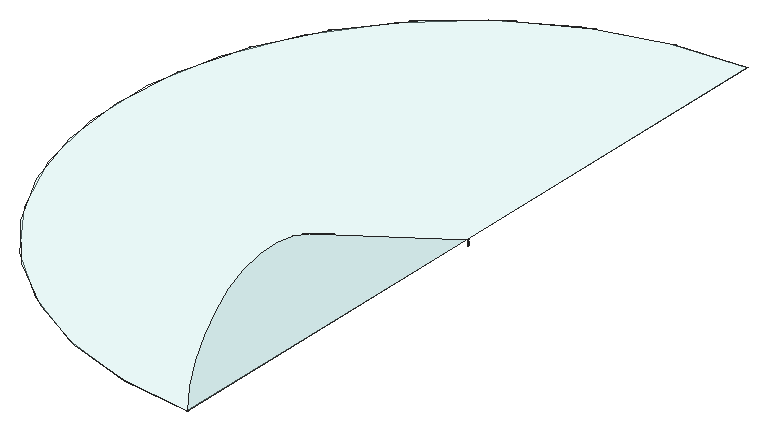
Revit family "Rotor 8005 Series - 8005", category Acessórios do tubo, Revit 2020
Family settings
  Cota do conector redondo = Utilizar diâmetro
  Tipo de parte = Normal
  Número OmniClass = 23.60.30.11.14
  Título OmniClass = Pipework Fittings
  Com base no plano de trabalho = Não
  Sempre na vertical = Sim
  Corte com vazios quando carregada = Não
  Compartilhado = Não
Parameters (values of type "Nozzle 20")
  Water = Water
  URL = "https://www.rainbird.com/"
  TABLE 90 = "TABLE 90psi"
  TABLE 80 = "TABLE 80psi"
  TABLE 70 = "TABLE 70psi"
  TABLE 60 = "TABLE 60psi"
  TABLE 50 = "TABLE 50psi"
  TABLE 100 = "TABLE 100psi"
  SupportProjetos: Reviw Date = ""  # constant formula
  SupportProjetos: Reviw = "R00"  # constant formula
  SupportProjetos: Level of Detail = "LOD 300"  # constant formula
  SupportProjetos: Developed = "MICHEL SOARES MOTA"  # constant formula
  SupportProjetos: Creation Date = "12/08/2020"  # constant formula
  Side inlet = no
  Rotation Water Visibility [instance] = Pop up on  # yes
  Rotation Angle [instance] = 180.00°
  RainBird: Product Link = "https://www.rainbird.com/"
  RainBird: Description = "8005 Rotor "  # constant formula
  RainBird: Comment [instance] = ""
  RainBird: Code = "B81100"  # constant formula
  Radius [instance] = if(and(Pressure = 50.0 psi, Instance < 13 ft), size_lookup(TABLE 50, "Radius", 0 ft, Instance), if(and(Pressure = 60.0 psi, Instance < 13 ft), size_lookup(TABLE 60, "Radius", 0 ft, Instance), if(and(Pressure = 70.0 psi, Instance < 13 ft), size_lookup(TABLE 70, "Radius", 0 ft, Instance), if(and(Pressure = 80.0 psi, Instance < 13 ft), size_lookup(TABLE 80, "Radius", 0 ft, Instance), if(and(Pressure = 90.0 psi, Instance > 4 ft), size_lookup(TABLE 90, "Radius", 0 ft, Instance), if(and(Pressure = 100.0 psi, Instance > 8 ft), size_lookup(TABLE 100, "Radius", 0 ft, Instance), 600 ft))))))  # 73 ft
  RT = 0.009893 ft
  RN = 0.032808 ft
  R5 = 0.03937 ft
  R4 = 0.04101 ft
  R3 = 0.065617 ft
  R2 = 0.075407 ft
  R1 = 0.032808 ft
  Pressure [instance] = 90.0 psi
  Pop up height = 0.417 ft  # constant formula
  Pop up on [instance] = yes
  Modelo = "8005"  # constant formula
  Instance = 9 ft
  H1 = Body height / 3  # 0.240667 ft
  Flow [instance] = if(and(Pressure = 50.0 psi, Instance < 13 ft), size_lookup(TABLE 50, "Flow", 0.0 GPM, Instance), if(and(Pressure = 60.0 psi, Instance < 13 ft), size_lookup(TABLE 60, "Flow", 0.0 GPM, Instance), if(and(Pressure = 70.0 psi, Instance < 13 ft), size_lookup(TABLE 70, "Flow", 0.0 GPM, Instance), if(and(Pressure = 80.0 psi, Instance < 13 ft), size_lookup(TABLE 80, "Flow", 0.0 GPM, Instance), if(and(Pressure = 90.0 psi, Instance > 4 ft), size_lookup(TABLE 90, "Flow", 0.0 GPM, Instance), if(and(Pressure = 100.0 psi, Instance > 8 ft), size_lookup(TABLE 100, "Flow", 0.0 GPM, Instance), 600.0 GPM))))))  # 25.3 GPM
  Fabricante = "Rain Bird"
  Elevação padrão = 0 ft
  Description = RainBird: Description  # "8005 Rotor "
  DD13 = 0.002625 ft
  DD12 = 0.003937 ft
  DD11 = 0.009897 ft
  DD10 = 0.016404 ft
  DD8 [instance] = if(Pop up on, Pop up height, 0 ft)  # 0.417 ft
  DD7 = 0.019685 ft
  DD6 [instance] = 0.016404 ft
  DD5 = 0.065617 ft
  DD4 = 0.032808 ft
  DD3 = 0.091048 ft
  DD2 [instance] = 0.024514 ft
  DD9 [instance] = if(Pop up on, Pop up height + 0.049541 ft, 0 ft)  # 0.466541 ft
  DD1 = 0.006562 ft
  Conection = 0.062664 ft  # constant formula
  Body height = 0.722 ft  # constant formula
  Blue = Blue Plastic
  Black Plastic = Black Plastic
  Angle = 25.00°
Types (13, lengths in ft): name | Radius | Pressure | Instance | Flow
  (no name) | 73 | 90.0 psi | 9 | 25.3 GPM
  Nozzle 4 | 39 | 80.0 psi | 1 | 5.0 GPM
  Nozzle 6 | 45 | 80.0 psi | 2 | 7.1 GPM
  Nozzle 8 | 49 | 80.0 psi | 3 | 9.8 GPM
  Nozzle 10 | 55 | 80.0 psi | 4 | 11.8 GPM
  Nozzle 12 | 61 | 80.0 psi | 5 | 14.2 GPM
  Tipo 14 | 63 | 80.0 psi | 6 | 16.4 GPM
  Nozzle 16 | 67 | 80.0 psi | 7 | 18.6 GPM
  Nozzle 18 | 71 | 90.0 psi | 8 | 22.2 GPM
  Nozzle 20 | 73 | 90.0 psi | 9 | 25.3 GPM
  Nozzle 22 | 75 | 90.0 psi | 10 | 29.1 GPM
  Nozzle 24 | 79 | 90.0 psi | 11 | 31.0 GPM
  Nozzle 26 | 79 | 90.0 psi | 12 | 33.7 GPM
Reference planes (ft)
  plane 1 "Centro (Frente/Trás)": y = 0
  plane 2: z = 0
  plane 3 "Centro (Esquerda/Direita)": x = 0
  plane 4: z = 0.003937
  plane 5: z = 0.002625
  plane 6: y = -0.065617
Forms (ft)
  Revolve 1, solid, material "Black Plastic" <- "Black Plastic"
    sketch origin (0, 0, 0) x (1, 0, 0) y (0, 0, 1)
      loop
        line (0.075407, -0.091048) -> (0.075407, -0.035324)
        arc (0.075407, -0.035324) -> (0.072509, -0.028329) -> (0.065514, -0.025431) r 0.009893
        line (0.065514, -0.025431) -> (0.046098, -0.025431) -> (0.046098, 0) -> (0.03937, 0) -> (0.03937, -0.417) -> (0.019685, -0.417) -> (0.019685, -0.715438) -> (0.032808, -0.715438) -> (0.032808, -0.722) -> (0.04101, -0.722) -> (0.04101, -0.715438) -> (0.055724, -0.715438)
        arc (0.055724, -0.715438) -> (0.062719, -0.712541) -> (0.065617, -0.705545) r 0.009893
        line (0.065617, -0.705545) -> (0.065617, -0.091048) -> (0.075407, -0.091048)
      axis (0, -0.722) -> (0, 0)
    angle from 0 to 360
  Extrusion 2, solid, material "Black Plastic" <- "Black Plastic"
    sketch origin (0, 0, 0) x (1, 0, 0) y (0, 1, 0)
      loop
        circle (0, 0) r 0.032808
    from -0.417 to 0.417
  Extrusion 3, void
    sketch origin (0, 0, 0) x (1, 0, 0) y (0, 1, 0)
      loop
        circle (0, 0) r 0.022844
    from -0.417 to 0.417
  Revolve 4, solid, material "Black Plastic" <- "Black Plastic"
    sketch origin (0, 0, 0) x (1, 0, 0) y (0, 0, 1)
      loop
        line (0, 0.417) -> (0.037004, 0.417) -> (0.037004, 0.426897)
        arc (0.037004, 0.426897) -> (0.01879, 0.43179) -> (0, 0.433404) r 0.10685
        line (0, 0.433404) -> (0, 0.417)
      axis (0, 0.417) -> (0, 0.433404)
    angle from 0 to 360
  Extrusion 5, solid, material "Blue Plastic" <- "Blue"
    sketch origin (0, 0, 0) x (1, 0, 0) y (0, 0, 1)
      loop
        circle (0, 0.392486) r 0.009129
      loop
        circle (0, 0.392486) r 0.004793
    from 0 to 0.034386
  Extrusion 6, void
    sketch origin (0, 0, 0) x (1, 0, 0) y (0, 0, 1)
      loop
        line (-0.02074, 0.328055) -> (-0.02074, 0.282426) -> (0.020672, 0.282426) -> (0.020672, 0.328055) -> (-0.02074, 0.328055)
      loop
        line (-0.018439, 0.325179) -> (-0.018439, 0.285685) -> (0.018179, 0.285685) -> (0.018179, 0.325179) -> (-0.018439, 0.325179)
    from 0.024556 to 0.06931
  Extrusion 7, solid, material "Black Plastic" <- "Black Plastic"
    sketch origin (0, 0, 0) x (1, 0, 0) y (0, 0, 1)
      loop
        line (0.046098, 0) -> (0.046098, -0.036876) -> (0.073493, -0.036876) -> (0.046098, 0)
    from -0.002998 to 0.002998
  Extrusion 8, solid, material "Black Plastic" <- "Black Plastic"
    sketch origin (0, 0, 0) x (-1, 0, 0) y (0, 0, -1)
      loop
        line (0.046098, 0) -> (0.073493, 0.036876) -> (0.046098, 0.036876) -> (0.046098, 0)
    from -0.002998 to 0.002998
  Extrusion 9, solid, material "Black Plastic" <- "Black Plastic"
    sketch origin (0, 0, 0) x (0.866025, 0.5, 0) y (0, 0, 1)
      loop
        line (0.046098, 0) -> (0.046098, -0.036876) -> (0.073493, -0.036876) -> (0.046098, 0)
    from -0.002998 to 0.002998
  Extrusion 10, solid, material "Black Plastic" <- "Black Plastic"
    sketch origin (0, 0, 0) x (-0.866025, -0.5, 0) y (0, 0, -1)
      loop
        line (0.046098, 0) -> (0.073493, 0.036876) -> (0.046098, 0.036876) -> (0.046098, 0)
    from -0.002998 to 0.002998
  Extrusion 11, solid, material "Black Plastic" <- "Black Plastic"
    sketch origin (0, 0, 0) x (0, 1, 0) y (0, 0, 1)
      loop
        line (0.046098, 0) -> (0.046098, -0.036876) -> (0.073493, -0.036876) -> (0.046098, 0)
    from -0.002998 to 0.002998
  Extrusion 12, solid, material "Black Plastic" <- "Black Plastic"
    sketch origin (0, 0, 0) x (0, -1, 0) y (0, 0, -1)
      loop
        line (0.046098, 0) -> (0.073493, 0.036876) -> (0.046098, 0.036876) -> (0.046098, 0)
    from -0.002998 to 0.002998
  Extrusion 13, solid, material "Black Plastic" <- "Black Plastic"
    sketch origin (0, 0, 0) x (0.5, 0.866025, 0) y (0, 0, 1)
      loop
        line (0.046098, 0) -> (0.046098, -0.036876) -> (0.073493, -0.036876) -> (0.046098, 0)
    from -0.002998 to 0.002998
  Extrusion 14, solid, material "Black Plastic" <- "Black Plastic"
    sketch origin (0, 0, 0) x (-0.5, -0.866025, 0) y (0, 0, -1)
      loop
        line (0.046098, 0) -> (0.073493, 0.036876) -> (0.046098, 0.036876) -> (0.046098, 0)
    from -0.002998 to 0.002998
  Extrusion 15, solid, material "Black Plastic" <- "Black Plastic"
    sketch origin (0, 0, 0) x (-0.5, 0.866025, 0) y (0, 0, 1)
      loop
        line (0.046098, 0) -> (0.046098, -0.036876) -> (0.073493, -0.036876) -> (0.046098, 0)
    from -0.002998 to 0.002998
  Extrusion 16, solid, material "Black Plastic" <- "Black Plastic"
    sketch origin (0, 0, 0) x (0.5, -0.866025, 0) y (0, 0, -1)
      loop
        line (0.046098, 0) -> (0.073493, 0.036876) -> (0.046098, 0.036876) -> (0.046098, 0)
    from -0.002998 to 0.002998
  Extrusion 17, solid, material "Black Plastic" <- "Black Plastic"
    sketch origin (0, 0, 0) x (-0.866025, 0.5, 0) y (0, 0, 1)
      loop
        line (0.046098, 0) -> (0.046098, -0.036876) -> (0.073493, -0.036876) -> (0.046098, 0)
    from -0.002998 to 0.002998
  Extrusion 18, solid, material "Black Plastic" <- "Black Plastic"
    sketch origin (0, 0, 0) x (0.866025, -0.5, 0) y (0, 0, -1)
      loop
        line (0.046098, 0) -> (0.073493, 0.036876) -> (0.046098, 0.036876) -> (0.046098, 0)
    from -0.002998 to 0.002998
  Extrusion 19, void
    sketch origin (0, 0, 0) x (1, 0, 0) y (0, 1, 0)
      loop
        line (-0.002998, 0.077702) -> (-0.002998, 0.071655) -> (0.002998, 0.071655) -> (0.002998, 0.077702) -> (-0.002998, 0.077702)
    from -0.091048 to 0.82021
  Extrusion 20, void
    sketch origin (0, 0, 0) x (1, 0, 0) y (0, 1, 0)
      loop
        line (0.002998, -0.077702) -> (0.002998, -0.071655) -> (-0.002998, -0.071655) -> (-0.002998, -0.077702) -> (0.002998, -0.077702)
    from -0.091048 to 0.82021
  Extrusion 21, void
    sketch origin (0, 0, 0) x (0.965926, 0.258819, 0) y (-0.258819, 0.965926, 0)
      loop
        line (-0.002998, 0.077702) -> (-0.002998, 0.071655) -> (0.002998, 0.071655) -> (0.002998, 0.077702) -> (-0.002998, 0.077702)
    from -0.091048 to 0.82021
  Extrusion 22, void
    sketch origin (0, 0, 0) x (0.965926, 0.258819, 0) y (-0.258819, 0.965926, 0)
      loop
        line (0.002998, -0.077702) -> (0.002998, -0.071655) -> (-0.002998, -0.071655) -> (-0.002998, -0.077702) -> (0.002998, -0.077702)
    from -0.091048 to 0.82021
  Extrusion 23, void
    sketch origin (0, 0, 0) x (0.866025, 0.5, 0) y (-0.5, 0.866025, 0)
      loop
        line (-0.002998, 0.077702) -> (-0.002998, 0.071655) -> (0.002998, 0.071655) -> (0.002998, 0.077702) -> (-0.002998, 0.077702)
    from -0.091048 to 0.82021
  Extrusion 24, void
    sketch origin (0, 0, 0) x (0.866025, 0.5, 0) y (-0.5, 0.866025, 0)
      loop
        line (0.002998, -0.077702) -> (0.002998, -0.071655) -> (-0.002998, -0.071655) -> (-0.002998, -0.077702) -> (0.002998, -0.077702)
    from -0.091048 to 0.82021
  Extrusion 25, void
    sketch origin (0, 0, 0) x (0.5, 0.866025, 0) y (-0.866025, 0.5, 0)
      loop
        line (-0.002998, 0.077702) -> (-0.002998, 0.071655) -> (0.002998, 0.071655) -> (0.002998, 0.077702) -> (-0.002998, 0.077702)
    from -0.091048 to 0.82021
  Extrusion 26, void
    sketch origin (0, 0, 0) x (0.5, 0.866025, 0) y (-0.866025, 0.5, 0)
      loop
        line (0.002998, -0.077702) -> (0.002998, -0.071655) -> (-0.002998, -0.071655) -> (-0.002998, -0.077702) -> (0.002998, -0.077702)
    from -0.091048 to 0.82021
  Extrusion 27, void
    sketch origin (0, 0, 0) x (0.707107, 0.707107, 0) y (-0.707107, 0.707107, 0)
      loop
        line (-0.002998, 0.077702) -> (-0.002998, 0.071655) -> (0.002998, 0.071655) -> (0.002998, 0.077702) -> (-0.002998, 0.077702)
    from -0.091048 to 0.82021
  Extrusion 28, void
    sketch origin (0, 0, 0) x (0.707107, 0.707107, 0) y (-0.707107, 0.707107, 0)
      loop
        line (0.002998, -0.077702) -> (0.002998, -0.071655) -> (-0.002998, -0.071655) -> (-0.002998, -0.077702) -> (0.002998, -0.077702)
    from -0.091048 to 0.82021
  Extrusion 29, void
    sketch origin (0, 0, 0) x (0.258819, 0.965926, 0) y (-0.965926, 0.258819, 0)
      loop
        line (-0.002998, 0.077702) -> (-0.002998, 0.071655) -> (0.002998, 0.071655) -> (0.002998, 0.077702) -> (-0.002998, 0.077702)
    from -0.091048 to 0.82021
  Extrusion 30, void
    sketch origin (0, 0, 0) x (0.258819, 0.965926, 0) y (-0.965926, 0.258819, 0)
      loop
        line (0.002998, -0.077702) -> (0.002998, -0.071655) -> (-0.002998, -0.071655) -> (-0.002998, -0.077702) -> (0.002998, -0.077702)
    from -0.091048 to 0.82021
  Extrusion 31, void
    sketch origin (0, 0, 0) x (0, 1, 0) y (-1, 0, 0)
      loop
        line (-0.002998, 0.077702) -> (-0.002998, 0.071655) -> (0.002998, 0.071655) -> (0.002998, 0.077702) -> (-0.002998, 0.077702)
    from -0.091048 to 0.82021
  Extrusion 32, void
    sketch origin (0, 0, 0) x (0, 1, 0) y (-1, 0, 0)
      loop
        line (0.002998, -0.077702) -> (0.002998, -0.071655) -> (-0.002998, -0.071655) -> (-0.002998, -0.077702) -> (0.002998, -0.077702)
    from -0.091048 to 0.82021
  Extrusion 33, void
    sketch origin (0, 0, 0) x (-0.258819, 0.965926, 0) y (-0.965926, -0.258819, 0)
      loop
        line (-0.002998, 0.077702) -> (-0.002998, 0.071655) -> (0.002998, 0.071655) -> (0.002998, 0.077702) -> (-0.002998, 0.077702)
    from -0.091048 to 0.82021
  Extrusion 34, void
    sketch origin (0, 0, 0) x (-0.258819, 0.965926, 0) y (-0.965926, -0.258819, 0)
      loop
        line (0.002998, -0.077702) -> (0.002998, -0.071655) -> (-0.002998, -0.071655) -> (-0.002998, -0.077702) -> (0.002998, -0.077702)
    from -0.091048 to 0.82021
  Extrusion 35, void
    sketch origin (0, 0, 0) x (-0.5, 0.866025, 0) y (-0.866025, -0.5, 0)
      loop
        line (-0.002998, 0.077702) -> (-0.002998, 0.071655) -> (0.002998, 0.071655) -> (0.002998, 0.077702) -> (-0.002998, 0.077702)
    from -0.091048 to 0.82021
  Extrusion 36, void
    sketch origin (0, 0, 0) x (-0.5, 0.866025, 0) y (-0.866025, -0.5, 0)
      loop
        line (0.002998, -0.077702) -> (0.002998, -0.071655) -> (-0.002998, -0.071655) -> (-0.002998, -0.077702) -> (0.002998, -0.077702)
    from -0.091048 to 0.82021
  Extrusion 37, void
    sketch origin (0, 0, 0) x (-0.707107, 0.707107, 0) y (-0.707107, -0.707107, 0)
      loop
        line (-0.002998, 0.077702) -> (-0.002998, 0.071655) -> (0.002998, 0.071655) -> (0.002998, 0.077702) -> (-0.002998, 0.077702)
    from -0.091048 to 0.82021
  Extrusion 38, void
    sketch origin (0, 0, 0) x (-0.707107, 0.707107, 0) y (-0.707107, -0.707107, 0)
      loop
        line (0.002998, -0.077702) -> (0.002998, -0.071655) -> (-0.002998, -0.071655) -> (-0.002998, -0.077702) -> (0.002998, -0.077702)
    from -0.091048 to 0.82021
  Extrusion 39, void
    sketch origin (0, 0, 0) x (-0.866025, 0.5, 0) y (-0.5, -0.866025, 0)
      loop
        line (-0.002998, 0.077702) -> (-0.002998, 0.071655) -> (0.002998, 0.071655) -> (0.002998, 0.077702) -> (-0.002998, 0.077702)
    from -0.091048 to 0.82021
  Extrusion 40, void
    sketch origin (0, 0, 0) x (-0.866025, 0.5, 0) y (-0.5, -0.866025, 0)
      loop
        line (0.002998, -0.077702) -> (0.002998, -0.071655) -> (-0.002998, -0.071655) -> (-0.002998, -0.077702) -> (0.002998, -0.077702)
    from -0.091048 to 0.82021
  Extrusion 41, void
    sketch origin (0, 0, 0) x (-0.965926, 0.258819, 0) y (-0.258819, -0.965926, 0)
      loop
        line (-0.002998, 0.077702) -> (-0.002998, 0.071655) -> (0.002998, 0.071655) -> (0.002998, 0.077702) -> (-0.002998, 0.077702)
    from -0.091048 to 0.82021
  Extrusion 42, void
    sketch origin (0, 0, 0) x (-0.965926, 0.258819, 0) y (-0.258819, -0.965926, 0)
      loop
        line (0.002998, -0.077702) -> (0.002998, -0.071655) -> (-0.002998, -0.071655) -> (-0.002998, -0.077702) -> (0.002998, -0.077702)
    from -0.091048 to 0.82021
  Extrusion 43, solid, material "Water" <- "Water", visible <- "Rotation Water Visibility"
    sketch origin (0, 0, 0) x (0, 1, 0) y (0, 0, 1)
      loop
        line (-0.032808, 0.392486) -> (-41.314762, 19.642577)
        arc (-41.314762, 19.642577) -> (-62.318922, 18.495086) -> (-73.032808, 0.392486) r 22.310372
        line (-73.032808, 0.392486) -> (-0.032808, 0.392486)
    from -0.008202 to 0.008202
Cuts and joins
  Extrusion 3, Extrusion 6 cuts Extrusion 2
  Extrusion 19, Extrusion 20, Extrusion 21, Extrusion 22, Extrusion 23, Extrusion 24, Extrusion 25, Extrusion 26, Extrusion 27, Extrusion 28, Extrusion 29, Extrusion 30, Extrusion 31, Extrusion 32, Extrusion 33, Extrusion 34, Extrusion 35, Extrusion 36, Extrusion 37, Extrusion 38, Extrusion 39, Extrusion 40, Extrusion 41, Extrusion 42 cuts Revolve 1
Dimensions and locks (ft)
  "Body height": level to Revolve 1 sketch curve
  "R2": Revolve 1 sketch curve to plane 3 "Centro (Esquerda/Direita)"
  "DD1": Revolve 1 sketch curve to Revolve 1 sketch curve
  "DD3": level to Revolve 1 sketch curve
  Revolve 1 sketch curve to plane 3 "Centro (Esquerda/Direita)" = 0.065617 ft
  "R4": Revolve 1 sketch curve to plane 3 "Centro (Esquerda/Direita)"
  "RN": Revolve 1 sketch curve to plane 3 "Centro (Esquerda/Direita)"
  "Pop up height": level to Revolve 1 sketch curve
  "R5": plane 3 "Centro (Esquerda/Direita)" to Revolve 1 sketch curve
  "DD7": Revolve 1 sketch curve to plane 3 "Centro (Esquerda/Direita)"
  "DD8": Extrusion 2 to level
  "DD12": plane 4 to level
  "DD13": plane 5 to level
  "R3": plane 6 to plane 1 "Centro (Frente/Trás)"
  "DD5": Revolve 1 sketch curve to Revolve 1 sketch curve
  "DD10": Revolve 4 sketch curve to Revolve 4 sketch curve
  "DD11": Revolve 4 sketch curve to Revolve 4 sketch curve
  "DD2": Revolve 4 to Extrusion 5 sketch curve  (x2)
  Extrusion 7 to plane 3 "Centro (Esquerda/Direita)" = 0.046098 ft
  equal spacing: Extrusion 7, plane 1 "Centro (Frente/Trás)", Extrusion 7
  Extrusion 8 to Extrusion 8 = 0.005995 ft
  Extrusion 9 to Extrusion 9 = 0.005995 ft
  Extrusion 20 sketch curve to Extrusion 20 sketch curve = 0.005995 ft
  Extrusion 22 sketch curve to Extrusion 22 sketch curve = 0.005995 ft
  Extrusion 24 sketch curve to Extrusion 24 sketch curve = 0.005995 ft
  Extrusion 26 sketch curve to Extrusion 26 sketch curve = 0.005995 ft
  Extrusion 28 sketch curve to Extrusion 28 sketch curve = 0.005995 ft
  Extrusion 30 sketch curve to Extrusion 30 sketch curve = 0.005995 ft
  Extrusion 32 sketch curve to Extrusion 32 sketch curve = 0.005995 ft
  Extrusion 34 sketch curve to Extrusion 34 sketch curve = 0.005995 ft
  Extrusion 36 sketch curve to Extrusion 36 sketch curve = 0.005995 ft
  Extrusion 38 sketch curve to Extrusion 38 sketch curve = 0.005995 ft
  Extrusion 40 sketch curve to Extrusion 40 sketch curve = 0.005995 ft
  Extrusion 42 sketch curve to Extrusion 42 sketch curve = 0.005995 ft
  "DD4": plane 1 "Centro (Frente/Trás)" to Extrusion 43 sketch curve
  "DD2": Revolve 4 to Extrusion 43 sketch curve
  "Radius": Extrusion 43 sketch curve to Extrusion 43 sketch curve
  equal spacing: Extrusion 43, plane 3 "Centro (Esquerda/Direita)", Extrusion 43
  "DD6": Extrusion 43 to Extrusion 43
  "DD2": Revolve 4 to nested 1
  "RT": radius of Revolve 1 sketch curve  (x2)
  "R1": radius of Extrusion 2 sketch curve
  "Angle": angle Extrusion 43 sketch curve to Extrusion 43 sketch curve
  aligned and locked: level to plane 2
  aligned and locked: Revolve 1 sketch curve to Revolve 1 sketch curve
  aligned and locked: Extrusion 2 to Revolve 1
  aligned and locked: cut or joined group of Extrusion 2, Extrusion 3, Extrusion 6 to cut or joined group of Extrusion 2, Extrusion 3, Extrusion 6  (x2)
  aligned and locked: Revolve 4 sketch curve to cut or joined group of Extrusion 2, Extrusion 3, Extrusion 6
  aligned and locked: Extrusion 20 to Revolve 1
  aligned and locked: Extrusion 22 to Revolve 1
  aligned and locked: Extrusion 24 to Revolve 1
  aligned and locked: Extrusion 28 to Revolve 1
  aligned and locked: Extrusion 26 to Revolve 1
  aligned and locked: Extrusion 30 to Revolve 1
  aligned and locked: Extrusion 32 to Revolve 1
  aligned and locked: Extrusion 34 to Revolve 1
  aligned and locked: Revolve 1 to Extrusion 36
  aligned and locked: Revolve 1 to Extrusion 38
  aligned and locked: Extrusion 41 to Revolve 1
  aligned and locked: Extrusion 39 to Revolve 1
  aligned and locked: Extrusion 37 to Revolve 1
  aligned and locked: Extrusion 35 to Revolve 1
  aligned and locked: Extrusion 33 to Revolve 1
  aligned and locked: Extrusion 31 to Revolve 1
  aligned and locked: Extrusion 29 to Revolve 1
  aligned and locked: Revolve 1 to Extrusion 25
  aligned and locked: Revolve 1 to Extrusion 27
  aligned and locked: Revolve 1 to Extrusion 19
  aligned and locked: Revolve 1 to Extrusion 21
  aligned and locked: Revolve 1 to Extrusion 42
  aligned and locked: Revolve 1 to Extrusion 40
  aligned and locked: Revolve 1 to Extrusion 23
Automatic sketch dimensions
  plane 1 "Centro (Frente/Trás)" to Extrusion 2 sketch curve = 0 ft
  Extrusion 2 sketch curve to plane 3 "Centro (Esquerda/Direita)" = 0 ft
  plane 1 "Centro (Frente/Trás)" to Extrusion 3 sketch curve = 0 ft
  Extrusion 3 sketch curve to plane 3 "Centro (Esquerda/Direita)" = 0 ft
  Revolve 4 sketch curve to plane 3 "Centro (Esquerda/Direita)" = 0 ft  (x2)
  plane 3 "Centro (Esquerda/Direita)" to Revolve 4 sketch curve = 0.000284 ft
  plane 3 "Centro (Esquerda/Direita)" to Revolve 4 sketch curve = 0.037004 ft
  Revolve 4 sketch curve to Revolve 4 sketch curve = 0.015719 ft
  Revolve 4 sketch curve to Revolve 4 sketch curve = 0.114829 ft
  Extrusion 5 sketch curve to Extrusion 5 sketch curve = 0 ft
  Extrusion 5 sketch curve to plane 3 "Centro (Esquerda/Direita)" = 0 ft
  Extrusion 6 sketch curve to plane 3 "Centro (Esquerda/Direita)" = 0.02074 ft
  Extrusion 6 sketch curve to Extrusion 6 sketch curve = 0.002301 ft
  plane 3 "Centro (Esquerda/Direita)" to Extrusion 6 sketch curve = 0.018179 ft
  Extrusion 6 sketch curve to Extrusion 6 sketch curve = 0.002492 ft
  plane 4 to Extrusion 6 sketch curve = 0.278489 ft
  Extrusion 6 sketch curve to Extrusion 6 sketch curve = 0.003259 ft
  Extrusion 6 sketch curve to Extrusion 6 sketch curve = 0.039494 ft
  Extrusion 6 sketch curve to Extrusion 6 sketch curve = 0.002876 ft
  Extrusion 7 sketch curve to level = 0 ft
  plane 3 "Centro (Esquerda/Direita)" to Extrusion 7 sketch curve = 0.046098 ft
  Extrusion 7 sketch curve to Extrusion 7 sketch curve = 0.027396 ft
  Extrusion 7 sketch curve to Extrusion 7 sketch curve = 0.036876 ft
  Extrusion 8 sketch curve to level = 0 ft
  plane 3 "Centro (Esquerda/Direita)" to Extrusion 8 sketch curve = 0.046098 ft
  Extrusion 8 sketch curve to Extrusion 8 sketch curve = 0.027396 ft
  Extrusion 8 sketch curve to Extrusion 8 sketch curve = 0.036876 ft
  Extrusion 9 sketch curve to level = 0 ft
  Extrusion 9 sketch curve to level = 0.036876 ft
  Extrusion 9 sketch curve to Extrusion 9 sketch curve = 0.027396 ft
  Extrusion 10 sketch curve to level = 0 ft
  Extrusion 10 sketch curve to level = 0.036876 ft
  Extrusion 10 sketch curve to Extrusion 10 sketch curve = 0.027396 ft
  Extrusion 11 sketch curve to level = 0 ft
  Extrusion 11 sketch curve to plane 1 "Centro (Frente/Trás)" = 0.046098 ft
  Extrusion 11 sketch curve to Extrusion 11 sketch curve = 0.027396 ft
  Extrusion 11 sketch curve to Extrusion 11 sketch curve = 0.036876 ft
  Extrusion 12 sketch curve to level = 0 ft
  plane 6 to Extrusion 12 sketch curve = 0.019519 ft
  Extrusion 12 sketch curve to plane 6 = 0.007877 ft
  Extrusion 12 sketch curve to level = 0.036876 ft
  Extrusion 13 sketch curve to level = 0 ft
  Extrusion 13 sketch curve to level = 0.036876 ft
  Extrusion 13 sketch curve to Extrusion 13 sketch curve = 0.027396 ft
  Extrusion 14 sketch curve to level = 0 ft
  Extrusion 14 sketch curve to level = 0.036876 ft
  Extrusion 14 sketch curve to Extrusion 14 sketch curve = 0.027396 ft
  level to Extrusion 15 sketch curve = 0 ft
  Extrusion 15 sketch curve to level = 0.036876 ft
  Extrusion 15 sketch curve to Extrusion 15 sketch curve = 0.027396 ft
  level to Extrusion 16 sketch curve = 0 ft
  Extrusion 16 sketch curve to level = 0.036876 ft
  Extrusion 16 sketch curve to Extrusion 16 sketch curve = 0.027396 ft
  level to Extrusion 17 sketch curve = 0 ft
  Extrusion 17 sketch curve to level = 0.036876 ft
  Extrusion 17 sketch curve to Extrusion 17 sketch curve = 0.027396 ft
  level to Extrusion 18 sketch curve = 0 ft
  Extrusion 18 sketch curve to level = 0.036876 ft
  Extrusion 18 sketch curve to Extrusion 18 sketch curve = 0.027396 ft
  Extrusion 19 sketch curve to plane 3 "Centro (Esquerda/Direita)" = 0.002998 ft
  Extrusion 19 sketch curve to plane 1 "Centro (Frente/Trás)" = 0.071655 ft
  Extrusion 19 sketch curve to Extrusion 19 sketch curve = 0.006047 ft
  plane 3 "Centro (Esquerda/Direita)" to Extrusion 20 sketch curve = 0.002998 ft
  plane 6 to Extrusion 20 sketch curve = 0.006038 ft
  Extrusion 20 sketch curve to Extrusion 20 sketch curve = 0.006047 ft
  plane 3 "Centro (Esquerda/Direita)" to Extrusion 19 sketch curve = 0.002998 ft
  Extrusion 21 sketch curve to plane 3 "Centro (Esquerda/Direita)" = 0.021441 ft
  Extrusion 21 sketch curve to plane 1 "Centro (Frente/Trás)" = 0.068438 ft
  Extrusion 21 sketch curve to Extrusion 21 sketch curve = 0.005995 ft
  Extrusion 21 sketch curve to Extrusion 21 sketch curve = 0.006047 ft
  Extrusion 22 sketch curve to plane 6 = 0.010213 ft
  plane 3 "Centro (Esquerda/Direita)" to Extrusion 22 sketch curve = 0.017215 ft
  Extrusion 22 sketch curve to Extrusion 22 sketch curve = 0.006047 ft
  Extrusion 23 sketch curve to plane 3 "Centro (Esquerda/Direita)" = 0.038424 ft
  Extrusion 23 sketch curve to plane 1 "Centro (Frente/Trás)" = 0.060556 ft
  Extrusion 23 sketch curve to Extrusion 23 sketch curve = 0.005995 ft
  Extrusion 23 sketch curve to Extrusion 23 sketch curve = 0.006047 ft
  Extrusion 24 sketch curve to plane 6 = 0.003174 ft
  plane 3 "Centro (Esquerda/Direita)" to Extrusion 24 sketch curve = 0.036255 ft
  Extrusion 24 sketch curve to Extrusion 24 sketch curve = 0.006047 ft
  Extrusion 25 sketch curve to plane 1 "Centro (Frente/Trás)" = 0.033231 ft
  Extrusion 25 sketch curve to plane 3 "Centro (Esquerda/Direita)" = 0.063554 ft
  Extrusion 25 sketch curve to Extrusion 25 sketch curve = 0.005995 ft
  Extrusion 25 sketch curve to Extrusion 25 sketch curve = 0.006047 ft
  Extrusion 26 sketch curve to plane 6 = 0.02417 ft
  Extrusion 26 sketch curve to plane 3 "Centro (Esquerda/Direita)" = 0.065793 ft
  Extrusion 26 sketch curve to Extrusion 26 sketch curve = 0.006047 ft
  Extrusion 27 sketch curve to plane 1 "Centro (Frente/Trás)" = 0.048548 ft
  Extrusion 27 sketch curve to plane 3 "Centro (Esquerda/Direita)" = 0.052787 ft
  Extrusion 27 sketch curve to Extrusion 27 sketch curve = 0.005995 ft
  Extrusion 27 sketch curve to Extrusion 27 sketch curve = 0.006047 ft
  plane 6 to Extrusion 28 sketch curve = 0.008554 ft
  plane 3 "Centro (Esquerda/Direita)" to Extrusion 28 sketch curve = 0.052824 ft
  Extrusion 28 sketch curve to Extrusion 28 sketch curve = 0.006047 ft
  Extrusion 29 sketch curve to plane 1 "Centro (Frente/Trás)" = 0.01565 ft
  Extrusion 29 sketch curve to plane 3 "Centro (Esquerda/Direita)" = 0.069989 ft
  Extrusion 29 sketch curve to Extrusion 29 sketch curve = 0.005995 ft
  Extrusion 29 sketch curve to Extrusion 29 sketch curve = 0.006047 ft
  plane 1 "Centro (Frente/Trás)" to Extrusion 30 sketch curve = 0.023006 ft
  plane 3 "Centro (Esquerda/Direita)" to Extrusion 30 sketch curve = 0.074278 ft
  Extrusion 30 sketch curve to Extrusion 30 sketch curve = 0.006047 ft
  plane 1 "Centro (Frente/Trás)" to Extrusion 31 sketch curve = 0.002998 ft
  Extrusion 31 sketch curve to plane 1 "Centro (Frente/Trás)" = 0.002998 ft
  Extrusion 31 sketch curve to plane 3 "Centro (Esquerda/Direita)" = 0.071655 ft
  Extrusion 31 sketch curve to Extrusion 31 sketch curve = 0.006047 ft
  plane 1 "Centro (Frente/Trás)" to Extrusion 32 sketch curve = 0.002998 ft
  plane 3 "Centro (Esquerda/Direita)" to Extrusion 32 sketch curve = 0.077702 ft
  Extrusion 32 sketch curve to Extrusion 32 sketch curve = 0.006047 ft
  plane 1 "Centro (Frente/Trás)" to Extrusion 33 sketch curve = 0.021441 ft
  Extrusion 33 sketch curve to plane 3 "Centro (Esquerda/Direita)" = 0.068438 ft
  Extrusion 33 sketch curve to Extrusion 33 sketch curve = 0.005995 ft
  Extrusion 33 sketch curve to Extrusion 33 sketch curve = 0.006047 ft
  Extrusion 34 sketch curve to plane 1 "Centro (Frente/Trás)" = 0.017215 ft
  plane 3 "Centro (Esquerda/Direita)" to Extrusion 34 sketch curve = 0.07583 ft
  Extrusion 34 sketch curve to Extrusion 34 sketch curve = 0.006047 ft
  plane 6 to Extrusion 35 sketch curve = 0.027193 ft
  Extrusion 35 sketch curve to plane 3 "Centro (Esquerda/Direita)" = 0.060556 ft
  Extrusion 35 sketch curve to Extrusion 35 sketch curve = 0.005995 ft
  Extrusion 35 sketch curve to Extrusion 35 sketch curve = 0.006047 ft
  Extrusion 36 sketch curve to plane 1 "Centro (Frente/Trás)" = 0.036255 ft
  plane 3 "Centro (Esquerda/Direita)" to Extrusion 36 sketch curve = 0.068791 ft
  Extrusion 36 sketch curve to Extrusion 36 sketch curve = 0.006047 ft
  plane 6 to Extrusion 37 sketch curve = 0.012829 ft
  Extrusion 37 sketch curve to plane 3 "Centro (Esquerda/Direita)" = 0.048548 ft
  Extrusion 37 sketch curve to Extrusion 37 sketch curve = 0.005995 ft
  Extrusion 37 sketch curve to Extrusion 37 sketch curve = 0.006047 ft
  Extrusion 38 sketch curve to plane 1 "Centro (Frente/Trás)" = 0.052824 ft
  plane 3 "Centro (Esquerda/Direita)" to Extrusion 38 sketch curve = 0.057063 ft
  Extrusion 38 sketch curve to Extrusion 38 sketch curve = 0.006047 ft
  plane 6 to Extrusion 39 sketch curve = 0.002063 ft
  Extrusion 39 sketch curve to plane 3 "Centro (Esquerda/Direita)" = 0.033231 ft
  Extrusion 39 sketch curve to Extrusion 39 sketch curve = 0.005995 ft
  Extrusion 39 sketch curve to Extrusion 39 sketch curve = 0.006047 ft
  plane 3 "Centro (Esquerda/Direita)" to Extrusion 40 sketch curve = 0.041447 ft
  Extrusion 40 sketch curve to plane 1 "Centro (Frente/Trás)" = 0.065793 ft
  Extrusion 40 sketch curve to Extrusion 40 sketch curve = 0.006047 ft
  Extrusion 41 sketch curve to plane 6 = 0.004372 ft
  Extrusion 41 sketch curve to plane 3 "Centro (Esquerda/Direita)" = 0.01565 ft
  Extrusion 41 sketch curve to Extrusion 41 sketch curve = 0.005995 ft
  Extrusion 41 sketch curve to Extrusion 41 sketch curve = 0.006047 ft
  plane 3 "Centro (Esquerda/Direita)" to Extrusion 42 sketch curve = 0.023006 ft
  Extrusion 42 sketch curve to plane 1 "Centro (Frente/Trás)" = 0.074278 ft
  Extrusion 42 sketch curve to Extrusion 42 sketch curve = 0.006047 ft
  Revolve 1 sketch curve to plane 3 "Centro (Esquerda/Direita)" = 0 ft
  Revolve 1 sketch curve to level = 0 ft
  Revolve 1 sketch curve to Revolve 1 sketch curve = 0.019416 ft
  plane 4 to Revolve 1 sketch curve = 0.079347 ft
  Revolve 1 sketch curve to Revolve 1 sketch curve = 0.918635 ft
  Extrusion 43 sketch curve to level = 0.577487 ft
  radius of Extrusion 3 sketch curve = 0.022844 ft
  radius of Extrusion 5 sketch curve = 0.009129 ft
  radius of Extrusion 5 sketch curve = 0.004793 ft
Nested families (ft)
  nested 1: "Water" at (0.000065, 0, 0.273228) x (0, -1, 0) z (0, 0, 1), DT9 <- "DD4", Radius <- "Radius", visible <- "Rotation Water Visibility", Rotation Angle <- "Rotation Angle", type "Water"
    with Rotation Angle 180.00°, Radius 73 ft, DT9 0.032808 ft, DT8 0 ft, DT7 292 ft, DT4 365 ft, Angle 2 180.00°
Connectors (ft)
  piping at (0, 0, -0.722), diameter 2
    settings: on cut or joined group of Revolve 1, Extrusion 19, Extrusion 20, Extrusion 21, Extrusion 22, Extrusion 23, Extrusion 24, Extrusion 25, Extrusion 26, Extrusion 27, Extrusion 28, Extrusion 29, Extrusion 30, Extrusion 31, Extrusion 32, Extrusion 33, Extrusion 34, Extrusion 35, Extrusion 36, Extrusion 37, Extrusion 38, Extrusion 39, Extrusion 40, Extrusion 41, Extrusion 42, index 1, connector inside diameter 609.6 mm, connector length 0 ft, flow factor 0, pipe flow 0.0 GPM, pressure drop 0.0 psi, fitting loss kfactor 0, connector angle 0.00°, fixture units 0, engagement length 0 ft, angle of deflection 0.00°, flow configuration 0, flow direction 0, fitting loss method 0, system type 28, joint type 0, gender type 0, connector reference index -1, connector utility 0, adjustable connector no, is connector primary yes, connector description ""
Definition of nested family "Water"
  Parameters (values of type "Water")
    Water Visibility (Circle) = yes
    Water = none
    URL = ""
    SupportProjetos: Reviw Date = ""  # constant formula
    SupportProjetos: Level of Detail = "LOD 300"  # constant formula
    SupportProjetos: Developed = "MICHEL SOARES MOTA"  # constant formula
    SupportProjetos: Creation Date = "16/07/2020"  # constant formula
    Rotation Angle [instance] = 90.00°
    Reviw = "R00"  # constant formula
    Radius [instance] = 14 ft
    Model = ""
    Default Elevation = 4 ft
    Description = ""
    DT9 [instance] = 0.032808 ft
    DT8 [instance] = if(Rotation Angle = 360.00°, 10 ft, 0 ft)  # 0 ft
    DT7 [instance] = 4 * Radius  # 56 ft
    DT4 [instance] = 5 * Radius  # 70 ft
    DT2 = 0.098425 ft  # constant formula
    DT6 = 0 ft
    Angle 2 [instance] = if(Rotation Angle = 360.00°, 180.00°, 360.00° - Rotation Angle)  # 270.00°
  Reference planes (ft)
    plane 1 "Centro (Frente/Trás)": y = 0
    plane 2: z = 0
    plane 3 "Centro (Esquerda/Direita)": x = 0
  Forms (ft)
    Revolve 1, solid, material <- "Water", visible <- "Water Visibility (Circle)"
      sketch origin (0, 0, 0) x (1, 0, 0) y (0, 0, 1)
        loop
          line (0.032808, 0.098425) -> (14.032808, 0.098425) -> (14.032808, 0.119259) -> (0.032808, 0.119259) -> (0.032808, 0.098425)
        axis (0, 0.098425) -> (0, 0.119259)
      angle from 0 to 360
    Extrusion 2, void
      sketch origin (0, 0, 0) x (1, 0, 0) y (0, 1, 0)
        loop
          line (0, 0) -> (70, 0) -> (70, 56)
          arc (70, 56) -> (-70.459018, 51.588344) -> (0, -70) r 81.847109
          line (0, -70) -> (0, 0)
      from 0 to 15.189231
  Cuts and joins
    Extrusion 2 cuts Revolve 1
  Dimensions and locks (ft)
    "DT2": Revolve 1 sketch curve to level
    "DT4": Extrusion 2 sketch curve to Extrusion 2 sketch curve  (x2)
    "DT6": Extrusion 2 sketch curve to plane 3 "Centro (Esquerda/Direita)"
    "DT7": Extrusion 2 sketch curve to Extrusion 2 sketch curve
    "DT8": cut or joined group of Revolve 1, Extrusion 2 to level
    "Radius": Revolve 1 sketch curve to Revolve 1 sketch curve
    "DT9": Revolve 1 sketch curve to plane 3 "Centro (Esquerda/Direita)"
    "Angle 2": angle Extrusion 2 sketch curve to Extrusion 2 sketch curve
    aligned and locked: level to plane 2
    aligned and locked: plane 1 "Centro (Frente/Trás)" to Extrusion 2 sketch curve
  Automatic sketch dimensions
    plane 3 "Centro (Esquerda/Direita)" to Extrusion 2 sketch curve = 1.088227 ft
    Revolve 1 sketch curve to plane 3 "Centro (Esquerda/Direita)" = 0 ft
    Revolve 1 sketch curve to Revolve 1 sketch curve = 0.020833 ft
    Revolve 1 sketch curve to Revolve 1 sketch curve = 0.032113 ft
    Revolve 1 sketch curve to Revolve 1 sketch curve = 10.2693 ft
